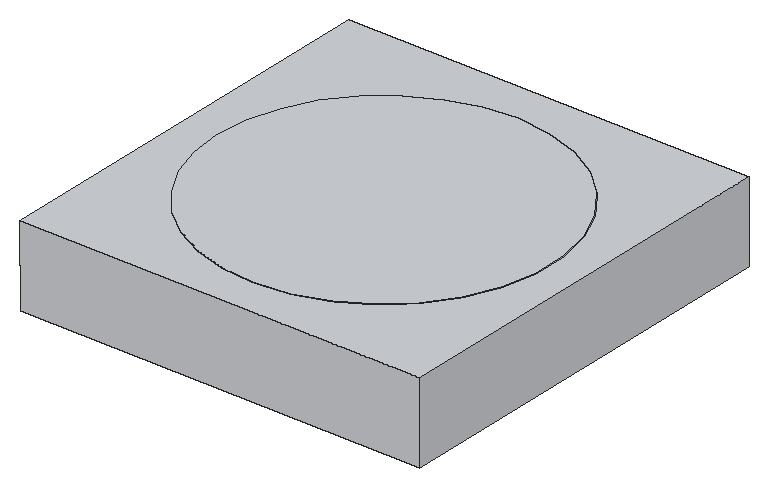
Revit family
Parameters (values of type "Alumínio Redonda - 250 mm")
  URL = "http://www.tigre.com.br"
  Tigre: Sistema = "Esgoto"  # constant formula
  Tigre: Norma = ""
  Tigre: Material = "Alumínio"
  Tigre: Marcador [instance] = "00"
  Tigre: Link do Produto = "http://www.tigre.com.br/pt/produtos_unico.php?rcr_id=4&cpr_id=10&cpr_id_pai=4&lnh_id=11&prd_id=156"
  Tigre: Linha = "Caixas e Ralos"  # constant formula
  Tigre: Fabricante = "© Tigre S/A"  # constant formula
  Tigre: Descrição = "Tampa Cega Redonda de Alumínio 250 mm, Esgoto - TIGRE"
  Tigre: Código com Separador [instance] = "59.98.628.7"
  Tigre: Código = 59986287
  Tigre: Comentários [instance] = ""
  Raio = 52.22 mm
  Model = ""
  Manufacturer = Tigre: Fabricante  # "© Tigre S/A"
  Description = Tigre: Descrição  # "Tampa Cega Redonda de Alumínio 250 mm, Esgoto - TIGRE"
  Default Elevation = 0.00 mm
  Espessura = 3.50 mm
  Cota B = 8.50 mm
  Cota A = 150.20 mm
  Branco Quadrado - 150mm = no
  Aluminio Redondo - 250 mm = yes
  Acabamento [instance] = none
  Branco Redondo - 250 mm = no
  Branco Redondo - 150 mm = no
  Branco Redondo - 100 mm = no
Types (6, lengths in mm): name | Tigre: Material | Tigre: Link do Produto | Tigre: Descrição | Tigre: Código com Separador | Tigre: Código | Raio | Description | Cota B | Branco Quadrado - 150mm | Aluminio Redondo - 250 mm | Branco Redondo - 250 mm | Branco Redondo - 150 mm | Branco Redondo - 100 mm
  (no name) | "Alumínio" | "http://www.tigre.com.br/pt/produtos_unico.php?rcr_id=4&cpr_id=10&cpr_id_pai=4&lnh_id=11&prd_id=156" | "Tampa Cega Redonda de Alumínio 250 mm, Esgoto - TIGRE" | "59.98.628.7" | 59986287 | 52.22 | "Tampa Cega Redonda de Alumínio 250 mm, Esgoto - TIGRE" | 8.50 | no | yes | no | no | no
  Branca Redonda - 100 mm | "Branco" | "http://www.tigre.com.br/pt/produtos_unico.php?rcr_id=4&cpr_id=10&cpr_id_pai=4&lnh_id=11&prd_id=157" | "Tampa Cega Redonda Branca 100 mm, Esgoto - TIGRE" | "27.67.100.4" | 27671004 | 48.50 | "Tampa Cega Redonda Branca 100 mm, Esgoto - TIGRE" | 3.50 | no | no | no | no | yes
  Branca Redonda - 150 mm | "Branco" | "http://www.tigre.com.br/pt/produtos_unico.php?rcr_id=4&cpr_id=10&cpr_id_pai=4&lnh_id=11&prd_id=157" | "Tampa Cega Redonda Branca 150 mm, Esgoto - TIGRE" | "27.67.115.2" | 27671152 | 75.55 | "Tampa Cega Redonda Branca 150 mm, Esgoto - TIGRE" | 8.50 | no | no | no | yes | no
  Branca Redonda - 250 mm | "Branco" | "http://www.tigre.com.br/pt/produtos_unico.php?rcr_id=4&cpr_id=10&cpr_id_pai=4&lnh_id=11&prd_id=157" | "Tampa Cega Redonda Branca 250 mm, Esgoto - TIGRE" | "27.68.250.2" | 27682502 | 52.22 | "Tampa Cega Redonda Branca 250 mm, Esgoto - TIGRE" | 8.50 | no | no | yes | no | no
  Alumínio Redonda - 250 mm | "Alumínio" | "http://www.tigre.com.br/pt/produtos_unico.php?rcr_id=4&cpr_id=10&cpr_id_pai=4&lnh_id=11&prd_id=156" | "Tampa Cega Redonda de Alumínio 250 mm, Esgoto - TIGRE" | "59.98.628.7" | 59986287 | 52.22 | "Tampa Cega Redonda de Alumínio 250 mm, Esgoto - TIGRE" | 8.50 | no | yes | no | no | no
  Branca Quadrada - 150 mm | "Branco" | "http://www.tigre.com.br/pt/produtos_unico.php?rcr_id=4&cpr_id=10&cpr_id_pai=4&lnh_id=11&prd_id=155" | "Tampa Cega Quadrada Branca 150 mm, Esgoto - TIGRE" | "27.65.115.1" | 27651151 | 52.22 | "Tampa Cega Quadrada Branca 150 mm, Esgoto - TIGRE" | 9.00 | yes | no | no | no | no
Reference planes
  plane 1 "Center (Front/Back)": y = 0
  plane 2: z = 0
  plane 3 "Center (Left/Right)": x = 0
  plane 4: z = -3.5
  plane 5: z = -8.5
Forms (mm)
  Extrusion 1, solid
    sketch origin (0, 0, 0) x (1, 0, 0) y (0, 1, 0)
      loop
        line (149.191, -152.933) -> (149.191, 155.095) -> (-150.717, 155.095) -> (-150.717, -152.933) -> (149.191, -152.933)
    from 0 to -60.598
  Sweep 2, solid, material <- "Acabamento", visible <- "Branco Redondo - 100 mm", detail levels fine
    path origin (0, 0, 0) x (1, 0, 0) y (0, 0, 1)
      loop
        line (0, 0) -> (0, -3.5)
    profile origin (0, 0, -1.75) x (0, -1, 0) y (1, 0, 0)
      loop
        circle (0, 0) r 52.22
  Extrusion 3, void
    sketch origin (-107.8, -4572, -50.5) x (0, -1, 0) y (1, 0, 0)
      loop
        arc (-4519.942, 103.689) -> (-4519.821, 105.743) -> (-4519.78, 107.8) r 52.22
        arc (-4519.78, 107.8) -> (-4519.822, 109.897) -> (-4519.948, 111.991) r 52.22
        line (-4519.948, 111.991) -> (-4522.859, 111.991) -> (-4522.859, 103.689) -> (-4519.942, 103.689)
    from 47 to 50.5
  Revolve 4, void
    sketch origin (0, 0, -0.312) x (1, 0, 0) y (0, 0, 1)
      loop
        arc (-4.814, 0) -> (-4.41, -0.403) -> (-4.007, 0) r 0.403
        line (-4.007, 0) -> (-4.007, 0.848) -> (-4.814, 0.848) -> (-4.814, 0)
      loop
        arc (-8.822, 0) -> (-8.419, -0.403) -> (-8.016, 0) r 0.403
        line (-8.016, 0) -> (-8.016, 0.848) -> (-8.822, 0.848) -> (-8.822, 0)
      loop
        arc (-12.814, 0) -> (-12.411, -0.403) -> (-12.007, 0) r 0.403
        line (-12.007, 0) -> (-12.007, 0.848) -> (-12.814, 0.848) -> (-12.814, 0)
      loop
        arc (-16.817, 0) -> (-16.414, -0.403) -> (-16.01, 0) r 0.403
        line (-16.01, 0) -> (-16.01, 0.848) -> (-16.817, 0.848) -> (-16.817, 0)
      loop
        arc (-20.829, 0) -> (-20.426, -0.403) -> (-20.023, 0) r 0.403
        line (-20.023, 0) -> (-20.023, 0.848) -> (-20.829, 0.848) -> (-20.829, 0)
      loop
        arc (-24.823, 0) -> (-24.42, -0.403) -> (-24.016, 0) r 0.403
        line (-24.016, 0) -> (-24.016, 0.848) -> (-24.823, 0.848) -> (-24.823, 0)
      loop
        arc (-28.826, 0) -> (-28.423, -0.403) -> (-28.02, 0) r 0.403
        line (-28.02, 0) -> (-28.02, 0.848) -> (-28.826, 0.848) -> (-28.826, 0)
      loop
        arc (-32.811, 0) -> (-32.408, -0.403) -> (-32.004, 0) r 0.403
        line (-32.004, 0) -> (-32.004, 0.848) -> (-32.811, 0.848) -> (-32.811, 0)
      loop
        arc (-36.814, 0) -> (-36.411, -0.403) -> (-36.007, 0) r 0.403
        line (-36.007, 0) -> (-36.007, 0.848) -> (-36.814, 0.848) -> (-36.814, 0)
      loop
        arc (-40.811, 0) -> (-40.408, -0.403) -> (-40.005, 0) r 0.403
        line (-40.005, 0) -> (-40.005, 0.848) -> (-40.811, 0.848) -> (-40.811, 0)
      loop
        arc (-44.804, 0) -> (-44.4, -0.403) -> (-43.997, 0) r 0.403
        line (-43.997, 0) -> (-43.997, 0.848) -> (-44.804, 0.848) -> (-44.804, 0)
      axis (0, 0.848) -> (0, -0.152)
    angle from 0 to 360
  Sweep 5, solid, material <- "Acabamento", visible <- "Branco Redondo - 150 mm", detail levels fine
    path origin (0, 0, 0) x (1, 0, 0) y (0, 0, 1)
      loop
        line (0, 0) -> (0, -3.5)
    profile origin (0, 0, -1.75) x (0, -1, 0) y (1, 0, 0)
      loop
        circle (0, 0) r 52.22
  Revolve 6, void
    sketch origin (0, 0, 0) x (1, 0, 0) y (0, 0, 1)
      loop
        arc (-11.921, -0.312) -> (-11.519, -0.714) -> (-11.118, -0.313) r 0.401
        line (-11.118, -0.313) -> (-11.118, 0.468) -> (-11.921, 0.468) -> (-11.921, -0.312)
      loop
        arc (-7.925, -0.312) -> (-7.524, -0.714) -> (-7.122, -0.313) r 0.401
        line (-7.122, -0.313) -> (-7.122, 0.468) -> (-7.925, 0.468) -> (-7.925, -0.312)
      loop
        arc (-3.928, -0.312) -> (-3.527, -0.714) -> (-3.126, -0.313) r 0.401
        line (-3.126, -0.313) -> (-3.126, 0.468) -> (-3.928, 0.468) -> (-3.928, -0.312)
      loop
        arc (-15.921, -0.312) -> (-15.52, -0.714) -> (-15.119, -0.313) r 0.401
        line (-15.119, -0.313) -> (-15.119, 0.468) -> (-15.921, 0.468) -> (-15.921, -0.312)
      loop
        arc (-19.936, -0.312) -> (-19.535, -0.714) -> (-19.134, -0.313) r 0.401
        line (-19.134, -0.313) -> (-19.134, 0.468) -> (-19.936, 0.468) -> (-19.936, -0.312)
      loop
        arc (-23.929, -0.312) -> (-23.528, -0.714) -> (-23.127, -0.313) r 0.401
        line (-23.127, -0.313) -> (-23.127, 0.468) -> (-23.929, 0.468) -> (-23.929, -0.312)
      loop
        arc (-27.922, -0.312) -> (-27.521, -0.714) -> (-27.12, -0.313) r 0.401
        line (-27.12, -0.313) -> (-27.12, 0.468) -> (-27.922, 0.468) -> (-27.922, -0.312)
      loop
        arc (-31.924, -0.313) -> (-31.523, -0.714) -> (-31.122, -0.313) r 0.401
        line (-31.122, -0.313) -> (-31.122, 0.468) -> (-31.924, 0.468) -> (-31.924, -0.313)
      loop
        arc (-35.922, -0.313) -> (-35.52, -0.714) -> (-35.119, -0.313) r 0.401
        line (-35.119, -0.313) -> (-35.119, 0.468) -> (-35.922, 0.468) -> (-35.922, -0.313)
      loop
        arc (-39.919, -0.312) -> (-39.517, -0.714) -> (-39.116, -0.313) r 0.401
        line (-39.116, -0.313) -> (-39.116, 0.468) -> (-39.919, 0.468) -> (-39.919, -0.312)
      loop
        arc (-43.93, -0.312) -> (-43.529, -0.714) -> (-43.127, -0.313) r 0.401
        line (-43.127, -0.313) -> (-43.127, 0.468) -> (-43.93, 0.468) -> (-43.93, -0.312)
      loop
        arc (-47.927, -0.312) -> (-47.526, -0.714) -> (-47.125, -0.313) r 0.401
        line (-47.125, -0.313) -> (-47.125, 0.468) -> (-47.927, 0.468) -> (-47.927, -0.312)
      loop
        arc (-51.926, -0.313) -> (-51.524, -0.714) -> (-51.123, -0.313) r 0.401
        line (-51.123, -0.313) -> (-51.123, 0.468) -> (-51.926, 0.468) -> (-51.926, -0.313)
      loop
        arc (-55.922, -0.313) -> (-55.521, -0.714) -> (-55.12, -0.313) r 0.401
        line (-55.12, -0.313) -> (-55.12, 0.468) -> (-55.922, 0.468) -> (-55.922, -0.313)
      loop
        arc (-59.929, -0.313) -> (-59.527, -0.714) -> (-59.126, -0.313) r 0.401
        line (-59.126, -0.313) -> (-59.126, 0.468) -> (-59.929, 0.468) -> (-59.929, -0.313)
      loop
        arc (-63.93, -0.313) -> (-63.529, -0.714) -> (-63.128, -0.313) r 0.401
        line (-63.128, -0.313) -> (-63.128, 0.468) -> (-63.93, 0.468) -> (-63.93, -0.313)
      loop
        arc (-67.926, -0.313) -> (-67.525, -0.714) -> (-67.124, -0.313) r 0.401
        line (-67.124, -0.313) -> (-67.124, 0.468) -> (-67.926, 0.468) -> (-67.926, -0.313)
      loop
        arc (-71.933, -0.313) -> (-71.532, -0.714) -> (-71.131, -0.313) r 0.401
        line (-71.131, -0.313) -> (-71.131, 0.468) -> (-71.933, 0.468) -> (-71.933, -0.313)
      axis (0, -0.313) -> (0, 0.687)
    angle from 0 to 360
  Extrusion 7, void
    sketch origin (-107.8, -4572, -50.5) x (0, -1, 0) y (1, 0, 0)
      loop
        arc (-4519.887, 104.459) -> (-4519.807, 106.129) -> (-4519.78, 107.8) r 52.22
        arc (-4519.78, 107.8) -> (-4519.806, 109.456) -> (-4519.885, 111.109) r 52.22
        line (-4519.885, 111.109) -> (-4522.852, 111.109) -> (-4522.852, 104.459) -> (-4519.887, 104.459)
    from 47 to 50.5
  Sweep 8, solid, material <- "Acabamento", visible <- "Branco Redondo - 250 mm", detail levels fine
    path origin (0, 0, 0) x (1, 0, 0) y (0, 0, 1)
      loop
        line (0, 0) -> (0, -3.5)
    profile origin (0, 0, -1.75) x (0, -1, 0) y (1, 0, 0)
      loop
        circle (0, 0) r 125
  Extrusion 9, solid, material <- "Acabamento", visible <- "Branco Redondo - 250 mm", detail levels fine
    sketch origin (-107.8, -4572, -50.5) x (0, -1, 0) y (1, 0, 0)
      loop
        line (-4672.124, 55.217) -> (-4669.906, 56.771) -> (-4666.859, 81.584) -> (-4667.731, 106.569) -> (-4670.26, 130.63) -> (-4670.707, 156.212) -> (-4672.911, 158.417) -> (-4675.279, 156.759) -> (-4677.738, 131.502) -> (-4676.496, 107.8) -> (-4674.067, 80.037) -> (-4674.067, 57.533) -> (-4672.124, 55.217)
      loop
        line (-4651.426, 27.02) -> (-4649.892, 24.909) -> (-4647.689, 26.509) -> (-4643.434, 53.378) -> (-4642.497, 80.194) -> (-4645.166, 106.984) -> (-4648.743, 134.366) -> (-4649.85, 161.157) -> (-4648.411, 188.62) -> (-4649.988, 190.713) -> (-4652.36, 189.113) -> (-4656.628, 162.166) -> (-4657.353, 135.397) -> (-4651.023, 81.145) -> (-4650.071, 53.88) -> (-4651.426, 27.02)
      loop
        line (-4628.972, 10.203) -> (-4627.464, 8.274) -> (-4625.428, 9.699) -> (-4620.837, 37.622) -> (-4619.369, 65.63) -> (-4620.605, 93.679) -> (-4624.547, 121.722) -> (-4626.997, 149.736) -> (-4627.488, 177.851) -> (-4626.025, 205.762) -> (-4627.49, 207.854) -> (-4629.567, 206.4) -> (-4634.705, 173.963) -> (-4635.844, 141.34) -> (-4633.963, 122.461) -> (-4630.197, 93.629) -> (-4627.435, 65.906) -> (-4627.435, 39.528) -> (-4628.972, 10.203)
      loop
        line (-4606.735, 0.792) -> (-4605.2, -1.4) -> (-4603.005, 0.137) -> (-4598.149, 30.793) -> (-4596.55, 61.309) -> (-4598.203, 92.846) -> (-4601.898, 122.939) -> (-4604.603, 153.864) -> (-4605.131, 184.094) -> (-4603.483, 215.536) -> (-4604.966, 217.654) -> (-4607.144, 216.129) -> (-4612.367, 180.729) -> (-4613.403, 144.444) -> (-4612.94, 135.613) -> (-4606.956, 78.676) -> (-4604.991, 34.078) -> (-4606.735, 0.792)
      loop
        line (-4584.247, -4.021) -> (-4582.662, -5.91) -> (-4580.644, -4.444) -> (-4575.425, 32.693) -> (-4574.117, 70.136) -> (-4576.751, 107.8) -> (-4580.67, 145.088) -> (-4581.316, 182.134) -> (-4580.824, 220.478) -> (-4582.534, 222.445) -> (-4584.619, 220.815) -> (-4589.628, 183.705) -> (-4590.921, 146.678) -> (-4584.336, 71.415) -> (-4583.361, 33.222) -> (-4584.247, -4.021)
      loop
        line (-4471.876, 160.383) -> (-4474.094, 158.829) -> (-4477.141, 134.016) -> (-4476.269, 109.031) -> (-4473.74, 84.97) -> (-4473.293, 59.388) -> (-4471.089, 57.183) -> (-4468.721, 58.841) -> (-4466.262, 84.098) -> (-4467.504, 107.8) -> (-4469.933, 135.563) -> (-4469.933, 158.067) -> (-4471.876, 160.383)
      loop
        line (-4492.574, 188.58) -> (-4494.108, 190.691) -> (-4496.311, 189.091) -> (-4500.566, 162.222) -> (-4501.503, 135.406) -> (-4498.834, 108.616) -> (-4495.257, 81.234) -> (-4494.15, 54.443) -> (-4495.589, 26.98) -> (-4494.012, 24.887) -> (-4491.64, 26.487) -> (-4487.372, 53.434) -> (-4486.647, 80.203) -> (-4492.977, 134.455) -> (-4493.929, 161.72) -> (-4492.574, 188.58)
      loop
        line (-4515.028, 205.397) -> (-4516.536, 207.326) -> (-4518.572, 205.901) -> (-4523.163, 177.978) -> (-4524.631, 149.97) -> (-4523.395, 121.921) -> (-4519.453, 93.878) -> (-4517.003, 65.864) -> (-4516.512, 37.749) -> (-4517.975, 9.838) -> (-4516.51, 7.746) -> (-4514.433, 9.2) -> (-4509.295, 41.637) -> (-4508.156, 74.26) -> (-4510.037, 93.139) -> (-4513.803, 121.971) -> (-4516.565, 149.694) -> (-4516.565, 176.072) -> (-4515.028, 205.397)
      loop
        line (-4537.265, 214.808) -> (-4538.8, 217) -> (-4540.995, 215.463) -> (-4545.851, 184.807) -> (-4547.45, 154.291) -> (-4545.797, 122.754) -> (-4542.102, 92.661) -> (-4539.397, 61.736) -> (-4538.869, 31.506) -> (-4540.517, 0.064) -> (-4539.034, -2.054) -> (-4536.856, -0.529) -> (-4531.633, 34.871) -> (-4530.597, 71.156) -> (-4531.06, 79.987) -> (-4537.044, 136.924) -> (-4539.009, 181.522) -> (-4537.265, 214.808)
      loop
        line (-4559.753, 219.621) -> (-4561.338, 221.51) -> (-4563.356, 220.044) -> (-4568.575, 182.907) -> (-4569.883, 145.464) -> (-4567.249, 107.8) -> (-4563.33, 70.512) -> (-4562.684, 33.466) -> (-4563.176, -4.878) -> (-4561.466, -6.845) -> (-4559.381, -5.215) -> (-4554.372, 31.895) -> (-4553.079, 68.922) -> (-4559.664, 144.185) -> (-4560.639, 182.378) -> (-4559.753, 219.621)
    from 50.5 to 50.782
  Extrusion 10, void
    sketch origin (-107.8, -4572, -50.5) x (0, -1, 0) y (1, 0, 0)
      loop
        arc (-4447.066, 103.745) -> (-4447.016, 105.772) -> (-4447, 107.8) r 125
        arc (-4447, 107.8) -> (-4447.016, 109.825) -> (-4447.066, 111.85) r 125
        line (-4447.066, 111.85) -> (-4450.064, 111.851) -> (-4450.068, 103.746) -> (-4447.066, 103.745)
    from 47 to 50.5
  Sweep 11, solid, material <- "Acabamento", visible <- "Aluminio Redondo - 250 mm", detail levels fine
    path origin (0, 0, 0) x (1, 0, 0) y (0, 0, 1)
      loop
        line (0, 0) -> (0, -1.495)
    profile origin (0, 0, -0.748) x (0, -1, 0) y (1, 0, 0)
      loop
        arc (-125, 0) -> (0.432, -124.999) -> (124.997, 0.864) r 125
        arc (124.997, 0.864) -> (-0.432, 124.999) -> (-125, 0) r 125
  Extrusion 12, solid, material <- "Acabamento", visible <- "Branco Quadrado - 150mm", detail levels fine
    sketch origin (-107.8, -4572, -50.5) x (0, -1, 0) y (1, 0, 0)
      loop
        line (-4647.1, 32.7) -> (-4496.9, 32.7) -> (-4496.9, 103.8) -> (-4499.895, 103.8) -> (-4499.895, 111.8) -> (-4496.9, 111.8) -> (-4496.9, 182.9) -> (-4647.1, 182.9) -> (-4647.1, 32.7)
    from 47 to 50.5
Cuts and joins
  Extrusion 3, Revolve 4 cuts Sweep 2
  Revolve 6, Extrusion 7 cuts Sweep 5
  Extrusion 10 cuts Sweep 8
Dimensions and locks
  "Espessura": level to plane 4
  "Cota B": level to plane 5
  equal spacing: Extrusion 12 sketch curve, plane 3 "Center (Left/Right)", Extrusion 12 sketch curve
  "Cota A": Extrusion 12 sketch curve to Extrusion 12 sketch curve  (x2)
  equal spacing: Extrusion 12 sketch curve, plane 1 "Center (Front/Back)", Extrusion 12 sketch curve
  Extrusion 12 sketch curve to plane 3 "Center (Left/Right)" to Extrusion 12 sketch curve = 4.00 mm, 4.00 mm
  "Raio": radius of Sweep 2 sketch curve
  "Raio": radius of Sweep 5 sketch curve
  aligned and locked: plane 2 to Extrusion 1
  aligned and locked: level to Extrusion 1
  aligned and locked: level to Sweep 2 sketch curve
  aligned and locked: plane 4 to Sweep 2 sketch curve
  aligned and locked: Sweep 2 sketch curve to plane 3 "Center (Left/Right)"
  aligned and locked: Extrusion 3 sketch curve to Sweep 2  (x2)
  aligned and locked: Extrusion 3 to plane 4
  aligned and locked: level to Extrusion 3
  aligned and locked: level to Sweep 5 sketch curve
  aligned and locked: plane 4 to Sweep 5 sketch curve
  aligned and locked: Sweep 5 sketch curve to plane 3 "Center (Left/Right)"
  aligned and locked: Revolve 6 sketch curve to cut or joined group of Sweep 2, Extrusion 3, Revolve 4
  aligned and locked: Extrusion 7 sketch curve to cut or joined group of Sweep 5, Revolve 6, Extrusion 7  (x2)
  aligned and locked: Extrusion 7 to plane 4
  aligned and locked: level to Sweep 8 sketch curve
  aligned and locked: plane 4 to Sweep 8 sketch curve
  aligned and locked: Sweep 8 sketch curve to plane 3 "Center (Left/Right)"
  aligned and locked: Extrusion 10 sketch curve to Sweep 8  (x2)
  aligned and locked: level to Extrusion 10
  aligned and locked: level to Sweep 11 sketch curve
  aligned and locked: Sweep 11 sketch curve to plane 3 "Center (Left/Right)"
  aligned and locked: Sweep 11 sketch curve to cut or joined group of Sweep 8, Extrusion 10  (x2)
  aligned and locked: Extrusion 12 sketch curve to Extrusion 12 sketch curve
  aligned and locked: Extrusion 12 to plane 4
Automatic sketch dimensions
  Extrusion 1 sketch curve to Extrusion 1 sketch curve = 299.908 mm
  Extrusion 1 sketch curve to Extrusion 1 sketch curve = 308.028 mm
  Sweep 2 sketch curve to plane 1 "Center (Front/Back)" = 0.00 mm
  Sweep 2 sketch curve to profile plane = 0.00 mm
  Extrusion 3 sketch curve to Extrusion 3 sketch curve = 3.079 mm
  Extrusion 3 sketch curve to Extrusion 3 sketch curve = 2.911 mm
  Extrusion 3 sketch curve to Extrusion 3 sketch curve = 2.917 mm
  Revolve 4 sketch curve to plane 3 "Center (Left/Right)" = 0.00 mm
  level to Revolve 4 sketch curve = 0.535 mm  (x11)
  Revolve 4 sketch curve to plane 3 "Center (Left/Right)" = 4.007 mm
  Revolve 4 sketch curve to level = 0.312 mm  (x12)
  Revolve 4 sketch curve to Revolve 4 sketch curve = 0.403 mm  (x11)
  Revolve 4 sketch curve to Revolve 4 sketch curve = 3.202 mm
  Revolve 4 sketch curve to Revolve 4 sketch curve = 3.185 mm
  Revolve 4 sketch curve to Revolve 4 sketch curve = 3.196 mm  (x3)
  Revolve 4 sketch curve to Revolve 4 sketch curve = 3.206 mm
  Revolve 4 sketch curve to Revolve 4 sketch curve = 3.187 mm
  Revolve 4 sketch curve to Revolve 4 sketch curve = 3.178 mm
  Revolve 4 sketch curve to Revolve 4 sketch curve = 3.191 mm
  Revolve 4 sketch curve to Revolve 4 sketch curve = 3.186 mm
  Revolve 4 sketch curve to plane 4 = 0.312 mm
  Sweep 5 sketch curve to plane 1 "Center (Front/Back)" = 0.00 mm
  Sweep 5 sketch curve to profile plane = 0.00 mm
  Revolve 6 sketch curve to level = 0.312 mm  (x18)
  Revolve 6 sketch curve to level = 0.00 mm
  Revolve 6 sketch curve to plane 4 = 0.00 mm
  Revolve 6 sketch curve to Revolve 6 sketch curve = 3.126 mm
  Revolve 6 sketch curve to Revolve 6 sketch curve = 0.401 mm  (x18)
  level to Revolve 6 sketch curve = 0.468 mm  (x12)
  Revolve 6 sketch curve to Revolve 6 sketch curve = 3.194 mm  (x4)
  Revolve 6 sketch curve to Revolve 6 sketch curve = 3.193 mm
  Revolve 6 sketch curve to Revolve 6 sketch curve = 3.198 mm
  Revolve 6 sketch curve to Revolve 6 sketch curve = 3.213 mm
  Revolve 6 sketch curve to Revolve 6 sketch curve = 3.191 mm
  Revolve 6 sketch curve to Revolve 6 sketch curve = 3.19 mm
  Revolve 6 sketch curve to Revolve 6 sketch curve = 3.199 mm  (x2)
  Revolve 6 sketch curve to Revolve 6 sketch curve = 3.195 mm  (x2)
  Revolve 6 sketch curve to Revolve 6 sketch curve = 3.209 mm
  Revolve 6 sketch curve to Revolve 6 sketch curve = 3.196 mm
  Revolve 6 sketch curve to Revolve 6 sketch curve = 3.204 mm  (x2)
  Revolve 6 sketch curve to Revolve 6 sketch curve = 0.78 mm  (x6)
  Extrusion 7 sketch curve to Extrusion 7 sketch curve = 3.072 mm
  Extrusion 7 sketch curve to Extrusion 7 sketch curve = 2.965 mm
  Extrusion 7 sketch curve to Extrusion 7 sketch curve = 2.967 mm
  plane 1 "Center (Front/Back)" to Sweep 8 sketch curve = 0.00 mm
  Sweep 8 sketch curve to profile plane = 0.00 mm
  Extrusion 9 sketch curve to plane 3 "Center (Left/Right)" = 0.00 mm  (x4)
  plane 3 "Center (Left/Right)" to Extrusion 9 sketch curve = 23.702 mm
  Extrusion 9 sketch curve to plane 1 "Center (Front/Back)" = 105.738 mm
  Extrusion 9 sketch curve to Extrusion 9 sketch curve = 1.242 mm
  plane 3 "Center (Left/Right)" to Extrusion 9 sketch curve = 48.959 mm
  Extrusion 9 sketch curve to Extrusion 9 sketch curve = 2.458 mm
  Extrusion 9 sketch curve to plane 3 "Center (Left/Right)" = 27.763 mm
  Extrusion 9 sketch curve to Extrusion 9 sketch curve = 2.429 mm
  Extrusion 9 sketch curve to Extrusion 9 sketch curve = 2.368 mm  (x2)
  Extrusion 9 sketch curve to Extrusion 9 sketch curve = 1.943 mm  (x2)
  plane 3 "Center (Left/Right)" to Extrusion 9 sketch curve = 48.412 mm
  Extrusion 9 sketch curve to Extrusion 9 sketch curve = 2.204 mm  (x2)
  plane 3 "Center (Left/Right)" to Extrusion 9 sketch curve = 22.83 mm
  Extrusion 9 sketch curve to Extrusion 9 sketch curve = 7.478 mm  (x2)
  Extrusion 9 sketch curve to Extrusion 9 sketch curve = 2.218 mm  (x2)
  Extrusion 9 sketch curve to plane 3 "Center (Left/Right)" = 1.231 mm
  Extrusion 9 sketch curve to Extrusion 9 sketch curve = 8.764 mm  (x2)
  Extrusion 9 sketch curve to plane 3 "Center (Left/Right)" = 26.216 mm
  Extrusion 9 sketch curve to Extrusion 9 sketch curve = 7.208 mm
  plane 3 "Center (Left/Right)" to Extrusion 9 sketch curve = 27.597 mm
  Extrusion 9 sketch curve to Extrusion 9 sketch curve = 12.907 mm  (x2)
  Extrusion 9 sketch curve to Extrusion 9 sketch curve = 14.079 mm  (x2)
  Extrusion 9 sketch curve to Extrusion 9 sketch curve = 4.268 mm
  Extrusion 9 sketch curve to Extrusion 9 sketch curve = 20.698 mm
  Extrusion 9 sketch curve to plane 3 "Center (Left/Right)" = 26.655 mm
  Extrusion 9 sketch curve to Extrusion 9 sketch curve = 15.836 mm  (x2)
  Extrusion 9 sketch curve to Extrusion 9 sketch curve = 19.835 mm  (x2)
  Extrusion 9 sketch curve to Extrusion 9 sketch curve = 2.372 mm  (x2)
  Extrusion 9 sketch curve to Extrusion 9 sketch curve = 1.534 mm  (x2)
  Extrusion 9 sketch curve to Extrusion 9 sketch curve = 6.778 mm  (x2)
  plane 3 "Center (Left/Right)" to Extrusion 9 sketch curve = 26.566 mm
  Extrusion 9 sketch curve to Extrusion 9 sketch curve = 8.61 mm  (x2)
  Extrusion 9 sketch curve to Extrusion 9 sketch curve = 1.577 mm  (x2)
  Extrusion 9 sketch curve to Extrusion 9 sketch curve = 2.203 mm  (x2)
  Extrusion 9 sketch curve to plane 3 "Center (Left/Right)" = 0.816 mm
  Extrusion 9 sketch curve to Extrusion 9 sketch curve = 22.565 mm  (x2)
  Extrusion 9 sketch curve to Extrusion 9 sketch curve = 6.637 mm  (x2)
  Extrusion 9 sketch curve to plane 3 "Center (Left/Right)" = 27.606 mm
  Extrusion 9 sketch curve to Extrusion 9 sketch curve = 8.525 mm  (x2)
  Extrusion 9 sketch curve to Extrusion 9 sketch curve = 12.899 mm  (x2)
  Extrusion 9 sketch curve to Extrusion 9 sketch curve = 15.145 mm  (x2)
  plane 3 "Center (Left/Right)" to Extrusion 9 sketch curve = 14.661 mm
  Extrusion 9 sketch curve to Extrusion 9 sketch curve = 1.88 mm
  Extrusion 9 sketch curve to plane 3 "Center (Left/Right)" = 14.171 mm
  Extrusion 9 sketch curve to Extrusion 9 sketch curve = 12.301 mm  (x2)
  Extrusion 9 sketch curve to Extrusion 9 sketch curve = 20.421 mm
  Extrusion 9 sketch curve to Extrusion 9 sketch curve = 18.717 mm
  Extrusion 9 sketch curve to Extrusion 9 sketch curve = 2.077 mm  (x2)
  Extrusion 9 sketch curve to Extrusion 9 sketch curve = 7.216 mm  (x2)
  Extrusion 9 sketch curve to Extrusion 9 sketch curve = 1.508 mm  (x2)
  Extrusion 9 sketch curve to Extrusion 9 sketch curve = 15.999 mm  (x2)
  Extrusion 9 sketch curve to Extrusion 9 sketch curve = 8.846 mm  (x2)
  Extrusion 9 sketch curve to Extrusion 9 sketch curve = 1.465 mm  (x2)
  Extrusion 9 sketch curve to Extrusion 9 sketch curve = 2.036 mm  (x2)
  plane 3 "Center (Left/Right)" to Extrusion 9 sketch curve = 13.922 mm
  Extrusion 9 sketch curve to Extrusion 9 sketch curve = 9.417 mm  (x2)
  Extrusion 9 sketch curve to Extrusion 9 sketch curve = 6.598 mm  (x2)
  Extrusion 9 sketch curve to plane 3 "Center (Left/Right)" = 14.121 mm
  Extrusion 9 sketch curve to Extrusion 9 sketch curve = 9.591 mm  (x2)
  Extrusion 9 sketch curve to Extrusion 9 sketch curve = 8.066 mm
  Extrusion 9 sketch curve to Extrusion 9 sketch curve = 13.594 mm  (x2)
  Extrusion 9 sketch curve to Extrusion 9 sketch curve = 0.463 mm  (x2)
  Extrusion 9 sketch curve to Extrusion 9 sketch curve = 15.121 mm  (x2)
  Extrusion 9 sketch curve to Extrusion 9 sketch curve = 18.882 mm  (x2)
  Extrusion 9 sketch curve to Extrusion 9 sketch curve = 12.413 mm  (x2)
  Extrusion 9 sketch curve to Extrusion 9 sketch curve = 18.693 mm  (x2)
  Extrusion 9 sketch curve to Extrusion 9 sketch curve = 1.535 mm  (x2)
  Extrusion 9 sketch curve to Extrusion 9 sketch curve = 7.236 mm  (x2)
  Extrusion 9 sketch curve to Extrusion 9 sketch curve = 15.846 mm  (x2)
  Extrusion 9 sketch curve to Extrusion 9 sketch curve = 2.178 mm  (x2)
  Extrusion 9 sketch curve to Extrusion 9 sketch curve = 8.80 mm
  Extrusion 9 sketch curve to Extrusion 9 sketch curve = 1.483 mm  (x2)
  Extrusion 9 sketch curve to Extrusion 9 sketch curve = 2.196 mm  (x2)
  Extrusion 9 sketch curve to Extrusion 9 sketch curve = 11.043 mm  (x2)
  Extrusion 9 sketch curve to Extrusion 9 sketch curve = 8.753 mm  (x2)
  Extrusion 9 sketch curve to Extrusion 9 sketch curve = 6.842 mm  (x2)
  Extrusion 9 sketch curve to Extrusion 9 sketch curve = 10.406 mm
  Extrusion 9 sketch curve to Extrusion 9 sketch curve = 13.682 mm  (x2)
  Extrusion 9 sketch curve to Extrusion 9 sketch curve = 15.503 mm  (x2)
  Extrusion 9 sketch curve to plane 1 "Center (Front/Back)" = 12.619 mm
  Extrusion 9 sketch curve to plane 1 "Center (Front/Back)" = 12.336 mm
  Extrusion 9 sketch curve to plane 1 "Center (Front/Back)" = 12.247 mm
  Extrusion 9 sketch curve to plane 1 "Center (Front/Back)" = 11.361 mm
  Extrusion 9 sketch curve to Extrusion 9 sketch curve = 1.585 mm  (x2)
  Extrusion 9 sketch curve to Extrusion 9 sketch curve = 2.086 mm  (x2)
  Extrusion 9 sketch curve to Extrusion 9 sketch curve = 8.311 mm  (x2)
  Extrusion 9 sketch curve to Extrusion 9 sketch curve = 1.71 mm  (x2)
  Extrusion 9 sketch curve to plane 1 "Center (Front/Back)" = 8.67 mm
  Extrusion 9 sketch curve to Extrusion 9 sketch curve = 2.018 mm  (x2)
  Extrusion 9 sketch curve to plane 1 "Center (Front/Back)" = 4.751 mm
  Extrusion 9 sketch curve to plane 1 "Center (Front/Back)" = 3.425 mm
  Extrusion 9 sketch curve to plane 1 "Center (Front/Back)" = 2.117 mm
  plane 1 "Center (Front/Back)" to Extrusion 9 sketch curve = 2.117 mm
  plane 1 "Center (Front/Back)" to Extrusion 9 sketch curve = 3.425 mm
  plane 1 "Center (Front/Back)" to Extrusion 9 sketch curve = 4.751 mm
  plane 1 "Center (Front/Back)" to Extrusion 9 sketch curve = 8.644 mm
  plane 1 "Center (Front/Back)" to Extrusion 9 sketch curve = 8.67 mm
  plane 1 "Center (Front/Back)" to Extrusion 9 sketch curve = 8.824 mm
  plane 1 "Center (Front/Back)" to Extrusion 9 sketch curve = 9.316 mm
  Extrusion 9 sketch curve to Extrusion 9 sketch curve = 7.936 mm
  Extrusion 9 sketch curve to Extrusion 9 sketch curve = 10.219 mm
  Extrusion 9 sketch curve to Extrusion 9 sketch curve = 10.251 mm
  Extrusion 9 sketch curve to Extrusion 9 sketch curve = 12.214 mm
  Extrusion 9 sketch curve to Extrusion 9 sketch curve = 14.789 mm
  Extrusion 9 sketch curve to Extrusion 9 sketch curve = 13.867 mm
  Extrusion 9 sketch curve to Extrusion 9 sketch curve = 10.977 mm
  Extrusion 9 sketch curve to Extrusion 9 sketch curve = 18.758 mm
  Extrusion 9 sketch curve to Extrusion 9 sketch curve = 18.864 mm
  plane 3 "Center (Left/Right)" to Extrusion 9 sketch curve = 14.121 mm
  Extrusion 9 sketch curve to Extrusion 9 sketch curve = 13.649 mm
  Extrusion 9 sketch curve to plane 3 "Center (Left/Right)" = 13.922 mm
  Extrusion 9 sketch curve to Extrusion 9 sketch curve = 11.606 mm
  plane 3 "Center (Left/Right)" to Extrusion 9 sketch curve = 14.171 mm
  Extrusion 9 sketch curve to plane 3 "Center (Left/Right)" = 14.661 mm
  plane 3 "Center (Left/Right)" to Extrusion 9 sketch curve = 27.606 mm
  plane 3 "Center (Left/Right)" to Extrusion 9 sketch curve = 0.816 mm
  Extrusion 9 sketch curve to Extrusion 9 sketch curve = 11.203 mm
  Extrusion 9 sketch curve to Extrusion 9 sketch curve = 20.254 mm
  Extrusion 9 sketch curve to Extrusion 9 sketch curve = 13.706 mm
  Extrusion 9 sketch curve to plane 3 "Center (Left/Right)" = 26.566 mm
  plane 3 "Center (Left/Right)" to Extrusion 9 sketch curve = 26.655 mm
  Extrusion 9 sketch curve to plane 3 "Center (Left/Right)" = 27.597 mm
  plane 3 "Center (Left/Right)" to Extrusion 9 sketch curve = 26.216 mm
  plane 3 "Center (Left/Right)" to Extrusion 9 sketch curve = 1.231 mm
  Extrusion 9 sketch curve to plane 3 "Center (Left/Right)" = 22.83 mm
  Extrusion 9 sketch curve to plane 3 "Center (Left/Right)" = 48.412 mm
  plane 3 "Center (Left/Right)" to Extrusion 9 sketch curve = 50.267 mm
  Extrusion 9 sketch curve to plane 3 "Center (Left/Right)" = 48.959 mm
  Extrusion 9 sketch curve to plane 3 "Center (Left/Right)" = 23.702 mm
  Extrusion 9 sketch curve to Extrusion 9 sketch curve = 22.505 mm
  Extrusion 9 sketch curve to Extrusion 9 sketch curve = 1.658 mm  (x2)
  Extrusion 9 sketch curve to Extrusion 9 sketch curve = 0.762 mm  (x2)
  Extrusion 9 sketch curve to Extrusion 9 sketch curve = 1.553 mm  (x2)
  Extrusion 9 sketch curve to Extrusion 9 sketch curve = 4.944 mm  (x2)
  Extrusion 9 sketch curve to Extrusion 9 sketch curve = 2.891 mm  (x2)
  Extrusion 9 sketch curve to Extrusion 9 sketch curve = 1.009 mm  (x2)
  Extrusion 9 sketch curve to Extrusion 9 sketch curve = 0.502 mm  (x2)
  Extrusion 9 sketch curve to Extrusion 9 sketch curve = 12.806 mm  (x2)
  Extrusion 9 sketch curve to Extrusion 9 sketch curve = 13.85 mm  (x2)
  Extrusion 9 sketch curve to Extrusion 9 sketch curve = 3.888 mm  (x2)
  Extrusion 9 sketch curve to Extrusion 9 sketch curve = 1.906 mm  (x2)
  Extrusion 9 sketch curve to Extrusion 9 sketch curve = 2.878 mm  (x2)
  Extrusion 9 sketch curve to Extrusion 9 sketch curve = 3.544 mm  (x2)
  Extrusion 9 sketch curve to Extrusion 9 sketch curve = 1.406 mm  (x2)
  Extrusion 9 sketch curve to Extrusion 9 sketch curve = 0.244 mm  (x2)
  Extrusion 9 sketch curve to Extrusion 9 sketch curve = 0.53 mm  (x2)
  Extrusion 9 sketch curve to Extrusion 9 sketch curve = 1.571 mm  (x2)
  Extrusion 9 sketch curve to Extrusion 9 sketch curve = 3.365 mm  (x2)
  Extrusion 9 sketch curve to Extrusion 9 sketch curve = 3.285 mm  (x2)
  Extrusion 9 sketch curve to Extrusion 9 sketch curve = 26.86 mm  (x2)
  Extrusion 9 sketch curve to Extrusion 9 sketch curve = 14.657 mm  (x2)
  Extrusion 9 sketch curve to Extrusion 9 sketch curve = 0.511 mm  (x2)
  Extrusion 9 sketch curve to Extrusion 9 sketch curve = 0.493 mm  (x2)
  Extrusion 9 sketch curve to Extrusion 9 sketch curve = 2.093 mm  (x2)
  Extrusion 9 sketch curve to Extrusion 9 sketch curve = 16.306 mm  (x2)
  Extrusion 9 sketch curve to Extrusion 9 sketch curve = 27.911 mm  (x2)
  Extrusion 9 sketch curve to Extrusion 9 sketch curve = 0.504 mm  (x2)
  Extrusion 9 sketch curve to Extrusion 9 sketch curve = 0.638 mm  (x2)
  Extrusion 9 sketch curve to Extrusion 9 sketch curve = 1.93 mm  (x2)
  Extrusion 9 sketch curve to Extrusion 9 sketch curve = 8.908 mm  (x2)
  Extrusion 9 sketch curve to Extrusion 9 sketch curve = 0.655 mm  (x2)
  Extrusion 9 sketch curve to Extrusion 9 sketch curve = 9.774 mm  (x2)
  Extrusion 9 sketch curve to Extrusion 9 sketch curve = 0.593 mm  (x2)
  Extrusion 9 sketch curve to Extrusion 9 sketch curve = 4.157 mm  (x2)
  Extrusion 9 sketch curve to Extrusion 9 sketch curve = 0.423 mm  (x2)
  Extrusion 9 sketch curve to Extrusion 9 sketch curve = 0.434 mm  (x2)
  Extrusion 9 sketch curve to Extrusion 9 sketch curve = 0.338 mm  (x2)
  Extrusion 9 sketch curve to Extrusion 9 sketch curve = 1.889 mm  (x2)
  Extrusion 9 sketch curve to Extrusion 9 sketch curve = 1.967 mm  (x2)
  Extrusion 9 sketch curve to Extrusion 9 sketch curve = 27.231 mm
  Extrusion 9 sketch curve to Extrusion 9 sketch curve = 26.865 mm
  Extrusion 9 sketch curve to Extrusion 9 sketch curve = 4.321 mm
  Extrusion 9 sketch curve to Extrusion 9 sketch curve = 4.129 mm
  Extrusion 9 sketch curve to Extrusion 9 sketch curve = 0.276 mm  (x2)
  Extrusion 9 sketch curve to Extrusion 9 sketch curve = 7.186 mm
  Extrusion 9 sketch curve to Extrusion 9 sketch curve = 1.214 mm
  Extrusion 9 sketch curve to Extrusion 9 sketch curve = 1.59 mm  (x2)
  Extrusion 9 sketch curve to Extrusion 9 sketch curve = 9.42 mm  (x2)
  Extrusion 9 sketch curve to Extrusion 9 sketch curve = 1.279 mm  (x2)
  Extrusion 9 sketch curve to Extrusion 9 sketch curve = 8.396 mm  (x2)
  Extrusion 9 sketch curve to Extrusion 9 sketch curve = 13.046 mm
  Extrusion 9 sketch curve to Extrusion 9 sketch curve = 8.832 mm  (x2)
  Extrusion 9 sketch curve to plane 3 "Center (Left/Right)" = 15.139 mm
  Extrusion 9 sketch curve to plane 3 "Center (Left/Right)" = 14.954 mm
  plane 3 "Center (Left/Right)" to Extrusion 9 sketch curve = 14.954 mm
  plane 3 "Center (Left/Right)" to Extrusion 9 sketch curve = 15.139 mm
  Extrusion 9 sketch curve to Extrusion 9 sketch curve = 1.547 mm
  Extrusion 9 sketch curve to Extrusion 9 sketch curve = 12.674 mm
  Extrusion 9 sketch curve to Extrusion 9 sketch curve = 14.17 mm
  Extrusion 9 sketch curve to Extrusion 9 sketch curve = 6.973 mm
  Extrusion 9 sketch curve to Extrusion 9 sketch curve = 7.261 mm
  Extrusion 9 sketch curve to Extrusion 9 sketch curve = 0.903 mm
  Extrusion 9 sketch curve to Extrusion 9 sketch curve = 14.288 mm
  Extrusion 9 sketch curve to Extrusion 9 sketch curve = 10.106 mm
  Extrusion 10 sketch curve to Extrusion 10 sketch curve = 3.068 mm
  plane 3 "Center (Left/Right)" to Extrusion 10 sketch curve = 4.051 mm
  Extrusion 10 sketch curve to Extrusion 10 sketch curve = 3.064 mm
  plane 3 "Center (Left/Right)" to Extrusion 10 sketch curve = 4.05 mm
  Sweep 11 sketch curve to level = 1.495 mm
  Sweep 11 sketch curve to profile plane = 0.864 mm
  Extrusion 12 sketch curve to Extrusion 12 sketch curve = 2.995 mm
  radius of Sweep 8 sketch curve = 125.00 mm
